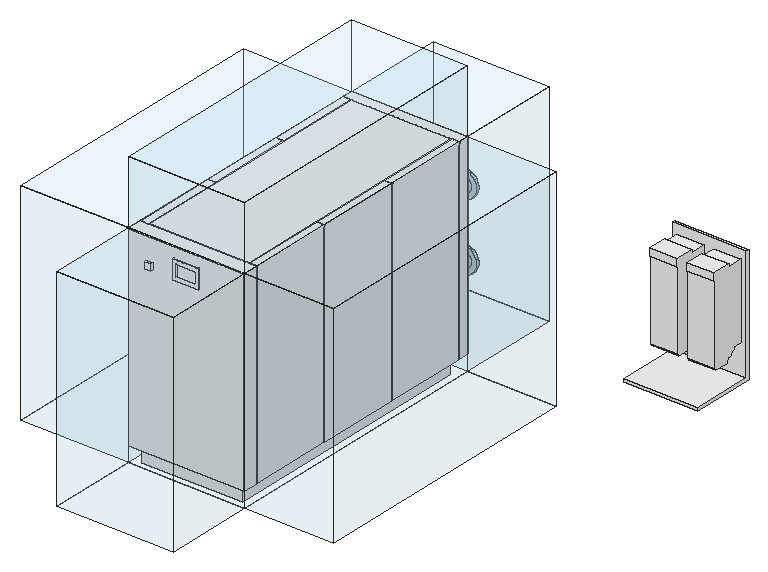
Revit family "VIESSMANN - Vitocal 350-G Pro 352 - C075", category Mechanical Equipment, Revit 2021
Family settings
  Round Connector Dimension = Use Diameter
  Part Type = Normal
  OmniClass Number = 23.75.10.21.17
  OmniClass Title = Water-Source Heat Pumps
  Work Plane-Based = No
  Always vertical = Yes
  Cut with Voids When Loaded = No
  Shared = No
  Room Calculation Point = No
Parameters (values of type "B0/W35")
  Wysokość całkowita = 1652.4 mm
  Waga przetwornicy częstotliwości wraz ze stelażem = 56.40 kg
  Odstęp minimalny pompy ciepła od ściany = "Odstęp minimalny pompy ciepła od ściany"  # constant formula
  Obieg wtórny. Strata ciśnienia przy znamionowym przepływie objętościowym = 6.0 kPa
  Obieg wtórny. Znamionowy przepływ objętościowy = 13.2 m³/h
  Obieg wtórny. Strata ciśnienia przy minimalnym przepływie objętościowym = 1.0 kPa
  Obieg wtórny. Pojemność wymiennika ciepła (woda) = 13.1 L
  Obieg wtórny. Różnica temperatur = "5 K"
  Obieg wtórny. Minimalny przepływ objętościowy = 4.3 m³/h
  Obieg wtórny. Maks. temperatura na zasilaniu obiegu wtórnego przy zasilaniu solanką z obiegu pierwotnego B –16°C = 56 °C
  Obieg wtórny. Maks. temperatura na zasilaniu obiegu wtórnego przy zasilaniu solanką z obiegu pierwotnego  B –7°C = 62 °C
  Obieg wtórny. Maks. temperatura na zasilaniu obiegu wtórnego przy zasilaniu solanką z obiegu pierwotnego B od –1 do 25°CB –1 = 75 °C
  Obieg pierwotny. Strata ciśnienia przy znamionowym przepływie objętościowym = 24.0 kPa
  Obieg pierwotny. Znamionowy przepływ objętościowy = 18.2 m³/h
  Znamionowe natężenie sprężarek (łącznie) = 31.1 A
  Znamionowa moc grzewcza = 76.7 kW
  Zakres mocy = "17 - 100%"
  Wydajność chłodnicza = 58.9 kW
  Stopień efektywności ∊ (COP) = 3.74
  Obieg pierwotny. Strata ciśnienia przy minimalnym przepływie = 8.0 kPa
  Obieg pierwotny. Pojemność wymiennika ciepła (solanka) = 10.1 L
  Podaj długość odsunięcia przetwornicy [instance] = "Maksymalny odstęp (c/d) - 1000/1400mm, 1500/900mm, 2000/400mm"  # constant formula
  Viessmann Kolor 1 = Viessmann Kolor 1
  URL = "https://www.viessmann.pl/"
  Szerokość całkowita = 911 mm
  Strefa serwisowa [instance] = yes
  Pobór mocy elektrycznej (bez pomp zewnętrznych) = 20.5 kW
  Odsunięcie przetwornicy wzdłuż "c" Rzeczywista [instance] = if([Odsunięcie przetwornicy wzdłuż "c"] > 2000 mm, 2000 mm, if([Odsunięcie przetwornicy wzdłuż "c"] < 500 mm, 500 mm, [Odsunięcie przetwornicy wzdłuż "c"]))  # 1000 mm
  Odsunięcie przetwornicy wzdłuż "c" [instance] = 1000 mm
  Odsunięcie przetwornicy w bok "d" Rzeczywista [instance] = if([Odsunięcie przetwornicy w bok "d"] > 1400 mm, 1400 mm, [Odsunięcie przetwornicy w bok "d"])  # 1400 mm
  Odsunięcie przetwornicy w bok "d" [instance] = 1400 mm
  Minimalna kubatura pomieszczenia = 29.00 m³
  Obieg wtórny. Min. temperatura na zasilaniu zasobnika lodu = 29 °C
  KOMUNIKAT [instance] = "Max. Długość przewodu od obudowy  - 2400 mm"  # constant formula
  Długość przewodu od obudowy ciepła (c+d) Rzeczywista [instance] = [Odsunięcie przetwornicy wzdłuż "c"] + [Odsunięcie przetwornicy w bok "d"]  # 2400 mm
  Max. Długość przewodu od obudowy ciepła (c+d) [instance] = if([Odsunięcie przetwornicy wzdłuż "c"] + [Odsunięcie przetwornicy w bok "d"] > 2399 mm, 2400 mm, [Długość przewodu od obudowy ciepła (c+d) Rzeczywista])  # 2400 mm
  Długość strefy serwisowej od ściany prawej = 700 mm  # constant formula
  Długość strefy serwisowej od ściany lewej = 850 mm  # constant formula
  Długość strefy serwisowej od tyłu "b" = 800 mm  # constant formula
  Obieg pierwotny. Różnica temperatur = "3 K"
  Obieg pierwotny. Min. temperatura solanki na wlocie na granicy zabezpieczenia przed zamrożeniem –25,2°C (40% obj.) = -16 °C
  Obieg pierwotny. Min. temperatura solanki na wlocie na granicy zabezpieczenia przed zamrożeniem –16,1°C (30% obj.) = -7 °C
  Obieg pierwotny. Granica zabezpieczenia przed zamrożeniem. Źródła ciepła - grunt i woda = -16.1 °C
  Obieg pierwotny. Granica zabezpieczenia przed zamrożeniem. Źródła ciepła -  powietrze i zasobnik lodu = -25.2 °C
  Obieg pierwotny. Minimalny przepływ objętościowy (50% znamionowego przepływu objętościowego w przypadku B0/W35) = 9.1 m³/h
  Masa urządzenia podstawowego = 1150.00 kg
  Manufacturer = "Viessmann Sp. z o.o."
  Description = "Vitocal 350-G PRO to kompaktowa, monowalentna pompa ciepła typu solanka/woda do ogrzewania, chłodzenia oraz podgrzewu wody użytkowej. Jako źródło ciepła można wykorzystać grunt, wodę gruntową lub powietrze zewnętrzne. Dzięki czterem typom, Vitocal 350-G PRO jest elastycznym rozwiązaniem grzewczym i chłodniczym, spełniającym indywidualne wymagania budynków mieszkalnych, komercyjnych i przemysłowych."
  Model = "Pompy ciepła solanka /woda Vitocal 350-G PRO o temperaturze zasilania do 75°C\r"  # constant formula
  Długość strefy serwisowej od przodu "e" = 700 mm  # constant formula
  Długość całkowita = 2190 mm
  Default Elevation = 0 mm
  Autor = "www.archispace.pl"
Types (3, lengths in mm): name | Obieg wtórny. Strata ciśnienia przy znamionowym przepływie objętościowym | Obieg wtórny. Znamionowy przepływ objętościowy | Obieg wtórny. Strata ciśnienia przy minimalnym przepływie objętościowym | Obieg wtórny. Różnica temperatur | Obieg wtórny. Minimalny przepływ objętościowy | Obieg pierwotny. Strata ciśnienia przy znamionowym przepływie objętościowym | Obieg pierwotny. Znamionowy przepływ objętościowy | Znamionowe natężenie sprężarek (łącznie) | Znamionowa moc grzewcza | Wydajność chłodnicza | Stopień efektywności ∊ (COP) | Obieg pierwotny. Strata ciśnienia przy minimalnym przepływie | Pobór mocy elektrycznej (bez pomp zewnętrznych)
  (no name) | 6.0 kPa | 13.2 m³/h | 1.0 kPa | "5 K" | 4.3 m³/h | 24.0 kPa | 18.2 m³/h | 31.1 A | 76.7 kW | 58.9 kW | 3.74 | 8.0 kPa | 20.5 kW
  B0/W35 | 6.0 kPa | 13.2 m³/h | 1.0 kPa | "5 K" | 4.3 m³/h | 24.0 kPa | 18.2 m³/h | 31.1 A | 76.7 kW | 58.9 kW | 3.74 | 8.0 kPa | 20.5 kW
  B0/W55 | 2.0 kPa | 6.8 m³/h | 0.3 kPa | "8 K" | 2.2 m³/h | 14.0 kPa | 13.1 m³/h | 34.5 A | 62.3 kW | 42.1 kW | 2.72 | 5.0 kPa | 22.9 kW
Reference planes
  plane 1 "Środek (Przód/Tył)": y = 50
  plane 2: z = 0
  plane 3 "Środek (Lewa/Prawa)": x = 0
  plane 4: y = 50
  plane 5: y = -2140
  plane 6: y = -2140
  plane 7: z = 1652.4
  plane 8: x = 455.5
  plane 9: x = -455.5
  plane 10: x = -1305.5
  plane 11: x = 1155.5
  plane 12: y = -2840
  plane 13: z = 2152.4
Forms (mm)
  Extrusion 1, solid, material "Viessmann Strefy Serwisowe", visible <- "Strefa serwisowa"
    sketch origin (0, 0, 0) x (1, 0, 0) y (0, 1, 0)
      loop
        line (-455.5, 50) -> (-1305.5, 50) -> (-1305.5, -2140) -> (-455.5, -2140) -> (-455.5, 50)
    from 0 to 1652.4
  Extrusion 2, solid, material "Viessmann Strefy Serwisowe", visible <- "Strefa serwisowa"
    sketch origin (0, 0, 0) x (-1, 0, 0) y (0, -1, 0)
      loop
        line (-455.5, -50) -> (-455.5, 2140) -> (-1155.5, 2140) -> (-1155.5, -50) -> (-455.5, -50)
    from 0 to 1652.4
  Extrusion 3, solid, material "Viessmann Strefy Serwisowe", visible <- "Strefa serwisowa"
    sketch origin (1476.269, 2188.659, 0) x (1, 0, 0) y (0, 1, 0)
      loop
        line (-1020.769, -1338.659) -> (-1931.769, -1338.659) -> (-1931.769, -2138.659) -> (-1020.769, -2138.659) -> (-1020.769, -1338.659)
    from 0 to 1652.4
  Extrusion 4, solid, material "Viessmann Strefy Serwisowe", visible <- "Strefa serwisowa"
    sketch origin (1476.269, 248.659, 0) x (1, 0, 0) y (0, 1, 0)
      loop
        line (-1020.769, -2388.659) -> (-1931.769, -2388.659) -> (-1931.769, -3088.659) -> (-1020.769, -3088.659) -> (-1020.769, -2388.659)
    from 0 to 1652.4
  Extrusion 5, solid, material "Viessmann Strefy Serwisowe", visible <- "Strefa serwisowa"
    sketch origin (0, 0, 0) x (-1, 0, 0) y (0, -1, 0)
      loop
        line (455.5, -50) -> (455.5, 2140) -> (-455.5, 2140) -> (-455.5, -50) -> (455.5, -50)
    from 1652.4 to 2152.4
Lines and regions (mm)
  reference lines
    curve 1: line (1836.5, 1050, 0) -> (1855.5, 1050, 0)
    curve 2: line (1855.5, 1050, 0) -> (1855.5, 1550, 0)
Dimensions and locks
  "Długość całkowita": plane 5 to plane 1 "Środek (Przód/Tył)"
  "Wysokość całkowita": plane 7 to plane 2
  Extrusion 4 sketch curve to plane 3 "Środek (Lewa/Prawa)" = 455.5 mm
  plane 3 "Środek (Lewa/Prawa)" to Extrusion 4 sketch curve = 455.5 mm
  Extrusion 3 sketch curve to plane 3 "Środek (Lewa/Prawa)" = 455.5 mm
  plane 3 "Środek (Lewa/Prawa)" to Extrusion 3 sketch curve = 455.5 mm
  equal spacing: plane 9, plane 3 "Środek (Lewa/Prawa)", plane 8
  "Szerokość całkowita": plane 9 to plane 8
  "Długość strefy serwisowej od tyłu "b"": Extrusion 3 sketch curve to plane 4
  "Odsunięcie przetwornicy wzdłuż "c" Rzeczywista": plane 4 to curve 1
  "Odsunięcie przetwornicy w bok "d" Rzeczywista": plane 8 to curve 2
  "Długość strefy serwisowej od ściany lewej": plane 10 to plane 9
  "Długość strefy serwisowej od ściany prawej": plane 8 to plane 11
  "Długość strefy serwisowej od przodu "e"": plane 5 to plane 12
  plane 4 to nested 2 = 500 mm
  plane 8 to nested 2 = 820 mm
  plane 1 "Środek (Przód/Tył)" to Extrusion 5 = 2190 mm
  aligned and locked: level to plane 2
  aligned and locked: Extrusion 1 to plane 5
  aligned and locked: Extrusion 1 to Extrusion 2
  aligned and locked: Extrusion 4 to Extrusion 1
  aligned and locked: Extrusion 2 to plane 1 "Środek (Przód/Tył)"
  aligned and locked: plane 7 to Extrusion 1
  aligned and locked: Extrusion 2 to plane 7
  aligned and locked: plane 7 to Extrusion 3
  aligned and locked: plane 7 to Extrusion 4
  aligned and locked: nested 1 to plane 3 "Środek (Lewa/Prawa)"
  aligned and locked: nested 1 to plane 4
  aligned and locked: Extrusion 3 to plane 4
  aligned and locked: Extrusion 3 sketch curve to plane 4
  aligned and locked: plane 4 to Extrusion 1 sketch curve
  aligned and locked: nested 2 to curve 1
  aligned and locked: nested 2 to curve 2
  aligned and locked: Extrusion 1 sketch curve to plane 10
  aligned and locked: Extrusion 2 sketch curve to plane 11
  aligned and locked: Extrusion 2 sketch curve to plane 8
  aligned and locked: Extrusion 1 sketch curve to plane 9
  aligned and locked: Extrusion 4 sketch curve to plane 12
  aligned and locked: Extrusion 5 to plane 7
  aligned and locked: plane 13 to Extrusion 5
  aligned and locked: Extrusion 5 to plane 1 "Środek (Przód/Tył)"
  aligned and locked: Extrusion 5 to plane 5
  aligned and locked: Extrusion 5 to plane 8
  aligned and locked: plane 9 to Extrusion 5
Automatic sketch dimensions
  Extrusion 1 sketch curve to plane 5 = 0 mm
  plane 1 "Środek (Przód/Tył)" to Extrusion 2 sketch curve = 0 mm
  plane 5 to Extrusion 2 sketch curve = 0 mm
  Extrusion 4 sketch curve to plane 5 = 0 mm
  Extrusion 5 sketch curve to plane 1 "Środek (Przód/Tył)" = 0 mm
  plane 11 to Extrusion 5 sketch curve = 700 mm
  Extrusion 5 sketch curve to plane 5 = 0 mm
  Extrusion 5 sketch curve to plane 8 = 911 mm
  curve 1 to curve 1 = 19 mm
  curve 1 to curve 2 = 500 mm
Nested families
  nested 1: "Vitocal 350-G PRO 352.typ C075" at (0, 50, 0), type "C075"
  nested 2: "Vitocal - Przetwornica częstotliwości ze stależem" at (1565.5, 800, 0), type "C075. C100. C150"
Connectors
  electrical at (-272.721, -30, 1564.6), driven by "Pobór mocy elektrycznej (bez pomp zewnętrznych)"
    settings: on nested 1, index 2, voltage 230 V, apparent load 20500 VA, apparent load phase1 0 VA, apparent load phase2 0 VA, apparent load phase3 0 VA, power factor 1, load classification "Other", number of poles 1, system type 30, power factor state 1, is connector primary yes, connector utility no, sub classification motor no, connector description ""
  piping at (-102.375, 265, 1112.398), diameter 88, driven by "Obieg pierwotny. Znamionowy przepływ objętościowy"
    settings: on nested 1, index 3, connector inside diameter 609.6 mm, connector length 0 mm, flow factor 0, pipe flow 18.2 m³/h, pressure drop 0.0 kPa, fitting loss kfactor 0, connector angle 0.00°, fixture units 0, engagement length 0 mm, angle of deflection 0.00°, flow configuration 0, flow direction 0, fitting loss method 0, system type 7, joint type 0, gender type 0, connector reference index -1, connector utility 0, adjustable connector no, is connector primary yes, connector description ""
  piping at (-102.375, 265, 582.398), diameter 88, driven by "Obieg wtórny. Znamionowy przepływ objętościowy"
    settings: on nested 1, index 4, connector inside diameter 609.6 mm, connector length 0 mm, flow factor 0, pipe flow 13.2 m³/h, pressure drop 0.0 kPa, fitting loss kfactor 0, connector angle 0.00°, fixture units 0, engagement length 0 mm, angle of deflection 0.00°, flow configuration 0, flow direction 0, fitting loss method 0, system type 8, joint type 0, gender type 0, connector reference index -1, connector utility 0, adjustable connector no, is connector primary no, connector description ""
  piping at (206.398, 345, 582.398), diameter 88
    settings: on nested 1, index 5, connector inside diameter 609.6 mm, connector length 0 mm, flow factor 0, pipe flow 0.0 m³/h, pressure drop 0.0 kPa, fitting loss kfactor 0, connector angle 0.00°, fixture units 0, engagement length 0 mm, angle of deflection 0.00°, flow configuration 0, flow direction 0, fitting loss method 0, system type 19, joint type 0, gender type 0, connector reference index -1, connector utility 0, adjustable connector no, is connector primary no, connector description ""
  piping at (206.398, 345, 582.398), diameter 88, driven by "Obieg wtórny. Znamionowy przepływ objętościowy"
    settings: on nested 1, index 6, connector inside diameter 609.6 mm, connector length 0 mm, flow factor 0, pipe flow 13.2 m³/h, pressure drop 0.0 kPa, fitting loss kfactor 0, connector angle 0.00°, fixture units 0, engagement length 0 mm, angle of deflection 0.00°, flow configuration 0, flow direction 0, fitting loss method 0, system type 8, joint type 0, gender type 0, connector reference index -1, connector utility 0, adjustable connector no, is connector primary no, connector description ""
  piping at (206.398, 345, 1112.398), diameter 88, driven by "Obieg pierwotny. Znamionowy przepływ objętościowy"
    settings: on nested 1, index 7, connector inside diameter 609.6 mm, connector length 0 mm, flow factor 0, pipe flow 18.2 m³/h, pressure drop 0.0 kPa, fitting loss kfactor 0, connector angle 0.00°, fixture units 0, engagement length 0 mm, angle of deflection 0.00°, flow configuration 0, flow direction 0, fitting loss method 0, system type 7, joint type 0, gender type 0, connector reference index -1, connector utility 0, adjustable connector no, is connector primary no, connector description ""
Definition of nested family "Vitocal 350-G PRO 352.typ C075"
  Parameters (values of type "C075")
    Wysokość = 1652.4 mm
    Szerokość = 911 mm
    Materiał = none
    Inny odstęp = no
    Długość = 2191 mm
    Default Elevation = 0 mm
  Reference planes
    plane 1 "Center (Front/Back)": y = 0
    plane 2: z = 0
    plane 3 "Center (Left/Right)": x = 0
    plane 4: z = 1652.4
    plane 5: z = 126.2
    plane 6: x = 455.5
    plane 7: x = -455.5
    plane 8: x = -451.5
    plane 9: x = 451.5
    plane 10: y = -4
    plane 11: z = 1112.398
    plane 12: z = 582.398
    plane 13: x = 206.398
    plane 14: x = -102.375
    plane 15: y = -2191
    plane 16: y = -2211
    plane 17: y = -2198
    plane 18: y = 292
    plane 19: x = -395
    plane 20: x = 395
  Forms (mm)
    Extrusion 1, solid, material <- "Materiał", detail levels medium+fine
      sketch origin (0, -876.5, 0) x (1, 0, 0) y (0, 1, 0)
        loop
          line (-398.973, 793.559) -> (-450.996, 793.559)
          arc (-450.996, 793.559) -> (-453.825, 792.387) -> (-454.996, 789.559) r 4
          line (-454.996, 789.559) -> (-454.996, 137.559)
          arc (-454.996, 137.559) -> (-453.825, 134.731) -> (-450.996, 133.559) r 4
          line (-450.996, 133.559) -> (-398.973, 133.559)
          arc (-398.973, 133.559) -> (-396.144, 134.731) -> (-394.973, 137.559) r 4
          line (-394.973, 137.559) -> (-394.973, 789.559)
          arc (-394.973, 789.559) -> (-396.144, 792.387) -> (-398.973, 793.559) r 4
        loop
          line (-398.973, 130.559) -> (-450.996, 130.559)
          arc (-450.996, 130.559) -> (-453.825, 129.387) -> (-454.996, 126.559) r 4
          line (-454.996, 126.559) -> (-454.996, -525.441)
          arc (-454.996, -525.441) -> (-453.825, -528.269) -> (-450.996, -529.441) r 4
          line (-450.996, -529.441) -> (-398.973, -529.441)
          arc (-398.973, -529.441) -> (-396.144, -528.269) -> (-394.973, -525.441) r 4
          line (-394.973, -525.441) -> (-394.973, 126.559)
          arc (-394.973, 126.559) -> (-396.144, 129.387) -> (-398.973, 130.559) r 4
        loop
          line (-398.973, -532.336) -> (-450.996, -532.336)
          arc (-450.996, -532.336) -> (-453.825, -533.508) -> (-454.996, -536.336) r 4
          line (-454.996, -536.336) -> (-454.996, -1188.336)
          arc (-454.996, -1188.336) -> (-453.825, -1191.165) -> (-450.996, -1192.336) r 4
          line (-450.996, -1192.336) -> (-398.973, -1192.336)
          arc (-398.973, -1192.336) -> (-396.144, -1191.165) -> (-394.973, -1188.336) r 4
          line (-394.973, -1188.336) -> (-394.973, -536.336)
          arc (-394.973, -536.336) -> (-396.144, -533.508) -> (-398.973, -532.336) r 4
        loop
          line (451.5, 793.559) -> (399.476, 793.559)
          arc (399.476, 793.559) -> (396.648, 792.387) -> (395.476, 789.559) r 4
          line (395.476, 789.559) -> (395.476, 137.559)
          arc (395.476, 137.559) -> (396.648, 134.731) -> (399.476, 133.559) r 4
          line (399.476, 133.559) -> (451.5, 133.559)
          arc (451.5, 133.559) -> (454.328, 134.731) -> (455.5, 137.559) r 4
          line (455.5, 137.559) -> (455.5, 789.559)
          arc (455.5, 789.559) -> (454.328, 792.387) -> (451.5, 793.559) r 4
        loop
          line (451.5, 130.559) -> (399.476, 130.559)
          arc (399.476, 130.559) -> (396.648, 129.387) -> (395.476, 126.559) r 4
          line (395.476, 126.559) -> (395.476, -525.441)
          arc (395.476, -525.441) -> (396.648, -528.269) -> (399.476, -529.441) r 4
          line (399.476, -529.441) -> (451.5, -529.441)
          arc (451.5, -529.441) -> (454.328, -528.269) -> (455.5, -525.441) r 4
          line (455.5, -525.441) -> (455.5, 126.559)
          arc (455.5, 126.559) -> (454.328, 129.387) -> (451.5, 130.559) r 4
        loop
          line (451.5, -532.336) -> (399.476, -532.336)
          arc (399.476, -532.336) -> (396.648, -533.508) -> (395.476, -536.336) r 4
          line (395.476, -536.336) -> (395.476, -1188.336)
          arc (395.476, -1188.336) -> (396.648, -1191.165) -> (399.476, -1192.336) r 4
          line (399.476, -1192.336) -> (451.5, -1192.336)
          arc (451.5, -1192.336) -> (454.328, -1191.165) -> (455.5, -1188.336) r 4
          line (455.5, -1188.336) -> (455.5, -536.336)
          arc (455.5, -536.336) -> (454.328, -533.508) -> (451.5, -532.336) r 4
        loop
          arc (392.53, 789.559) -> (391.358, 792.387) -> (388.53, 793.559) r 4
          line (388.53, 793.559) -> (-388.07, 793.559)
          arc (-388.07, 793.559) -> (-390.898, 792.387) -> (-392.07, 789.559) r 4
          line (-392.07, 789.559) -> (-392.07, -1188.336)
          arc (-392.07, -1188.336) -> (-390.898, -1191.165) -> (-388.07, -1192.336) r 4
          line (-388.07, -1192.336) -> (388.53, -1192.336)
          arc (388.53, -1192.336) -> (391.358, -1191.165) -> (392.53, -1188.336) r 4
          line (392.53, -1188.336) -> (392.53, 789.559)
        loop
          arc (-451.5, -1194.5) -> (-454.328, -1195.672) -> (-455.5, -1198.5) r 4
          line (-455.5, -1198.5) -> (-455.5, -1310.5)
          arc (-455.5, -1310.5) -> (-454.328, -1313.328) -> (-451.5, -1314.5) r 4
          line (-451.5, -1314.5) -> (451.5, -1314.5)
          arc (451.5, -1314.5) -> (454.328, -1313.328) -> (455.5, -1310.5) r 4
          line (455.5, -1310.5) -> (455.5, -1198.5)
          arc (455.5, -1198.5) -> (454.328, -1195.672) -> (451.5, -1194.5) r 4
          line (451.5, -1194.5) -> (-451.5, -1194.5)
        loop
          arc (-451.5, 876.5) -> (-454.328, 875.328) -> (-455.5, 872.5) r 4
          line (-455.5, 872.5) -> (-455.5, 800.5)
          arc (-455.5, 800.5) -> (-454.328, 797.672) -> (-451.5, 796.5) r 4
          line (-451.5, 796.5) -> (451.5, 796.5)
          arc (451.5, 796.5) -> (454.328, 797.672) -> (455.5, 800.5) r 4
          line (455.5, 800.5) -> (455.5, 872.5)
          arc (455.5, 872.5) -> (454.328, 875.328) -> (451.5, 876.5) r 4
          line (451.5, 876.5) -> (-451.5, 876.5)
      from 126.2 to 1652.4
    Extrusion 2, solid, material <- "Materiał", detail levels fine
      sketch origin (0, 177.022, 0) x (0, 1, 0) y (0, 0, 1)
        loop
          line (-278.072, 126.2) -> (-2313.122, 126.2) -> (-2313.122, 0) -> (-278.072, 0) -> (-278.072, 126.2)
      from -395 to 395
    Extrusion 3, solid, material <- "Materiał", detail levels fine
      sketch origin (0, 0, -4) x (1, 0, 0) y (0, 0, 1)
        loop
          line (-313.5, 1431.4) -> (-263.5, 1431.4) -> (-263.5, 1481.4) -> (-313.5, 1481.4) -> (-313.5, 1431.4)
      from 2191 to 2211
    Extrusion 4, void
      sketch origin (-95, -5, 1652.4) x (0, 0, -1) y (-1, 0, 0)
        loop
          line (119.05, -380.729) -> (119.05, -187.229) -> (56.55, -187.229) -> (56.55, -380.729) -> (119.05, -380.729)
        loop
          line (119.05, -130.729) -> (119.05, 62.771) -> (56.55, 62.771) -> (56.55, -130.729) -> (119.05, -130.729)
        loop
          circle (87.8, 177.721) r 69
        loop
          circle (537.602, -301.398) r 69.773
        loop
          circle (537.602, 7.375) r 69.773
        loop
          circle (1067.602, -301.398) r 69.773
        loop
          circle (1067.602, 7.375) r 69.773
        loop
          circle (1346.3, -282.729) r 8.5
        loop
          circle (1346.3, -257.729) r 8.5
        loop
          circle (1346.3, -207.729) r 25.5
        loop
          circle (1346.3, -132.729) r 25.5
        loop
          circle (1346.3, -57.729) r 20.5
        loop
          circle (1346.3, 17.271) r 20.5
        loop
          circle (1346.3, 67.271) r 8.5
        loop
          circle (1346.3, 92.271) r 8.5
      from -77.941 to 5
    Extrusion 5, solid, material <- "Materiał", detail levels fine
      sketch origin (0, 0, 0) x (1, 0, 0) y (0, 0, 1)
        loop
          line (-100, 1416.675) -> (100, 1416.675) -> (100, 1566.676) -> (-100, 1566.676) -> (-100, 1416.675)
        loop
          line (-76.25, 1445.955) -> (76.25, 1445.955) -> (76.25, 1537.425) -> (-76.25, 1537.425) -> (-76.25, 1445.955)
      from 2198.075 to 2191
    Extrusion 6, solid, material <- "Materiał", detail levels medium
      sketch origin (0, 177.022, 0) x (0, 1, 0) y (0, 0, 1)
        loop
          line (-241.022, 126.2) -> (-2240.023, 126.2) -> (-2240.023, 0) -> (-241.022, 0) -> (-241.022, 126.2)
      from -391.5 to 391.5
    Extrusion 7, solid, material <- "Materiał", detail levels coarse
      sketch origin (0, 0, 0) x (1, 0, 0) y (0, 1, 0)
        loop
          line (-455.5, 0) -> (-455.5, -2190) -> (455.5, -2190) -> (455.5, 0) -> (-455.5, 0)
      from 0 to 1652.4
    Revolve 8, solid, detail levels medium+fine
      sketch origin (206.398, -2196, 1153.398) x (0, 0, 1) y (0, 1, 0)
        loop
          line (3, 2116) -> (3, 2452) -> (14, 2471) -> (59, 2471) -> (59, 2488) -> (28.773, 2488) -> (28.773, 2491) -> (-41, 2491) -> (-41, 2116) -> (3, 2116)
        axis (-41, 2491) -> (-41, 2116)
      angle from 0 to 360
    Revolve 9, solid, detail levels medium+fine
      sketch origin (206.398, -2196, 623.398) x (0, 0, 1) y (0, 1, 0)
        loop
          line (3, 2116) -> (3, 2452) -> (14, 2471) -> (59, 2471) -> (59, 2488) -> (28.773, 2488) -> (28.773, 2491) -> (-41, 2491) -> (-41, 2116) -> (3, 2116)
        axis (-41, 2491) -> (-41, 2116)
      angle from 0 to 360
    Revolve 10, solid, detail levels medium+fine
      sketch origin (-102.375, -2196, 1153.398) x (0, 0, 1) y (0, 1, 0)
        loop
          line (3, 2116) -> (3, 2372) -> (14, 2391) -> (59, 2391) -> (59, 2408) -> (28.773, 2408) -> (28.773, 2411) -> (-41, 2411) -> (-41, 2116) -> (3, 2116)
        axis (-41, 2411) -> (-41, 2116)
      angle from 0 to 360
    Revolve 11, solid, detail levels medium+fine
      sketch origin (-102.375, -2196, 623.398) x (0, 0, 1) y (0, 1, 0)
        loop
          line (3, 2116) -> (3, 2372) -> (14, 2391) -> (59, 2391) -> (59, 2408) -> (28.773, 2408) -> (28.773, 2411) -> (-41, 2411) -> (-41, 2116) -> (3, 2116)
        axis (-41, 2411) -> (-41, 2116)
      angle from 0 to 360
  Cuts and joins
    Extrusion 4 cuts Extrusion 1
  Dimensions and locks
    "Wysokość": plane 4 to level
    locked: plane 5 to level at 126.2
    equal spacing: plane 6, plane 3 "Center (Left/Right)", plane 7
    "Szerokość": plane 6 to plane 7
    locked: plane 7 to plane 8 at 4
    locked: plane 9 to plane 6 at 4
    plane 9 to plane 20 = 56.5 mm
    locked: plane 1 "Center (Front/Back)" to Extrusion 6 sketch curve at 64
    locked: plane 8 to Extrusion 6 at 60
    locked: plane 9 to Extrusion 6 at 60
    plane 8 to plane 9 = 903 mm
    level to Extrusion 6 = 126.2 mm
    locked: plane 10 to plane 1 "Center (Front/Back)" at 4
    locked: plane 1 "Center (Front/Back)" to plane 18 at 292
    locked: plane 8 to plane 19 at 56.5
    locked: plane 18 to plane 1 "Center (Front/Back)" at 292
    locked: plane 15 to plane 16 at 20
    "Długość": plane 1 "Center (Front/Back)" to plane 15
    aligned and locked: level to plane 2
    aligned and locked: plane 7 to Extrusion 7 sketch curve
    aligned and locked: Extrusion 7 sketch curve to plane 6
    aligned and locked: Extrusion 7 to level
    aligned and locked: plane 4 to Extrusion 7
    aligned and locked: Extrusion 1 to Extrusion 2
    aligned and locked: Extrusion 7 to plane 1 "Center (Front/Back)"
    aligned and locked: Revolve 10 sketch curve to cut or joined group of Extrusion 1, Extrusion 4
    aligned and locked: Revolve 8 sketch curve to cut or joined group of Extrusion 1, Extrusion 4
    aligned and locked: Revolve 9 sketch curve to cut or joined group of Extrusion 1, Extrusion 4
    aligned and locked: Revolve 11 sketch curve to cut or joined group of Extrusion 1, Extrusion 4
  Automatic sketch dimensions
    Extrusion 2 sketch curve to plane 5 = 0 mm
    Extrusion 2 sketch curve to level = 0 mm
    plane 10 to Extrusion 2 sketch curve = 97.05 mm
    Extrusion 3 sketch curve to plane 8 = 138 mm
    Extrusion 3 sketch curve to Extrusion 3 sketch curve = 50 mm  (x2)
    Extrusion 3 sketch curve to plane 4 = 225 mm
    Extrusion 4 sketch curve to Extrusion 4 sketch curve = 62.5 mm  (x2)
    Extrusion 4 sketch curve to Extrusion 4 sketch curve = 418.552 mm
    Extrusion 4 sketch curve to Extrusion 4 sketch curve = 0 mm  (x9)
    Extrusion 4 sketch curve to Extrusion 4 sketch curve = 25 mm  (x2)
    Extrusion 4 sketch curve to Extrusion 4 sketch curve = 50 mm  (x2)
    Extrusion 4 sketch curve to Extrusion 4 sketch curve = 193.5 mm  (x2)
    Extrusion 4 sketch curve to Extrusion 4 sketch curve = 75 mm  (x3)
    Extrusion 4 sketch curve to Extrusion 4 sketch curve = 56.5 mm
    Extrusion 4 sketch curve to Extrusion 4 sketch curve = 65.104 mm
    Extrusion 4 sketch curve to Extrusion 4 sketch curve = 308.773 mm
    Extrusion 4 sketch curve to Extrusion 4 sketch curve = 114.95 mm
    Extrusion 5 sketch curve to plane 14 = 2.375 mm
    Extrusion 5 sketch curve to plane 14 = 26.125 mm
    plane 3 "Center (Left/Right)" to Extrusion 5 sketch curve = 76.25 mm
    Extrusion 5 sketch curve to Extrusion 5 sketch curve = 23.75 mm
    Extrusion 5 sketch curve to plane 4 = 235.725 mm
    Extrusion 5 sketch curve to Extrusion 5 sketch curve = 29.28 mm
    Extrusion 5 sketch curve to Extrusion 5 sketch curve = 91.47 mm
    Extrusion 5 sketch curve to Extrusion 5 sketch curve = 29.251 mm
    Extrusion 6 sketch curve to plane 5 = 0 mm
    Extrusion 6 sketch curve to level = 0 mm
    plane 1 "Center (Front/Back)" to Extrusion 7 sketch curve = 0 mm
    Revolve 8 sketch curve to plane 11 = 0 mm  (x2)
    Revolve 8 sketch curve to plane 11 = 44 mm
    Revolve 8 sketch curve to Revolve 8 sketch curve = 11 mm
    Revolve 8 sketch curve to Revolve 8 sketch curve = 14.773 mm
    Revolve 8 sketch curve to Revolve 8 sketch curve = 30.227 mm
    Revolve 8 sketch curve to Revolve 8 sketch curve = 19 mm
    Revolve 8 sketch curve to Revolve 8 sketch curve = 17 mm
    Revolve 8 sketch curve to Revolve 8 sketch curve = 20 mm
    Revolve 8 sketch curve to Revolve 8 sketch curve = 66.196 mm
    Revolve 8 sketch curve to Revolve 8 sketch curve = 141.343 mm
    Revolve 9 sketch curve to plane 12 = 0 mm  (x2)
    Revolve 9 sketch curve to plane 12 = 44 mm
    Revolve 9 sketch curve to Revolve 9 sketch curve = 11 mm
    Revolve 9 sketch curve to Revolve 9 sketch curve = 14.773 mm
    Revolve 9 sketch curve to Revolve 9 sketch curve = 30.227 mm
    Revolve 9 sketch curve to Revolve 9 sketch curve = 19 mm
    Revolve 9 sketch curve to Revolve 9 sketch curve = 17 mm
    Revolve 9 sketch curve to Revolve 9 sketch curve = 20 mm
    Revolve 9 sketch curve to Revolve 9 sketch curve = 66.196 mm
    Revolve 9 sketch curve to Revolve 9 sketch curve = 141.343 mm
    Revolve 10 sketch curve to plane 11 = 0 mm  (x2)
    Revolve 10 sketch curve to plane 11 = 44 mm
    Revolve 10 sketch curve to Revolve 10 sketch curve = 11 mm
    Revolve 10 sketch curve to Revolve 10 sketch curve = 14.773 mm
    Revolve 10 sketch curve to Revolve 10 sketch curve = 30.227 mm
    Revolve 10 sketch curve to Revolve 10 sketch curve = 19 mm
    Revolve 10 sketch curve to Revolve 10 sketch curve = 17 mm
    Revolve 10 sketch curve to Revolve 10 sketch curve = 20 mm
    Revolve 10 sketch curve to Revolve 10 sketch curve = 66.196 mm
    Revolve 10 sketch curve to Revolve 10 sketch curve = 221.343 mm
    Revolve 11 sketch curve to plane 12 = 0 mm  (x2)
    Revolve 11 sketch curve to plane 12 = 44 mm
    Revolve 11 sketch curve to Revolve 11 sketch curve = 11 mm
    Revolve 11 sketch curve to Revolve 11 sketch curve = 14.773 mm
    Revolve 11 sketch curve to Revolve 11 sketch curve = 30.227 mm
    Revolve 11 sketch curve to Revolve 11 sketch curve = 19 mm
    Revolve 11 sketch curve to Revolve 11 sketch curve = 17 mm
    Revolve 11 sketch curve to Revolve 11 sketch curve = 20 mm
    Revolve 11 sketch curve to Revolve 11 sketch curve = 66.196 mm
    Revolve 11 sketch curve to Revolve 11 sketch curve = 221.343 mm
    Extrusion 1 sketch curve to plane 9 = 0 mm  (x10)
    Extrusion 1 sketch curve to plane 6 = 0 mm  (x5)
    Extrusion 1 sketch curve to Extrusion 1 sketch curve = 52.024 mm  (x4)
    Extrusion 1 sketch curve to Extrusion 1 sketch curve = 0 mm  (x5)
    Extrusion 1 sketch curve to Extrusion 1 sketch curve = 4 mm  (x13)
    Extrusion 1 sketch curve to plane 8 = 56.527 mm  (x2)
    Extrusion 1 sketch curve to plane 8 = 0.504 mm  (x6)
    plane 7 to Extrusion 1 sketch curve = 0.504 mm  (x3)
    Extrusion 1 sketch curve to Extrusion 1 sketch curve = 2.895 mm  (x2)
    Extrusion 1 sketch curve to Extrusion 1 sketch curve = 3 mm  (x2)
    plane 10 to Extrusion 1 sketch curve = 82.941 mm  (x2)
    Extrusion 1 sketch curve to Extrusion 1 sketch curve = 6.946 mm
    Extrusion 1 sketch curve to Extrusion 1 sketch curve = 2.946 mm
    Extrusion 1 sketch curve to Extrusion 1 sketch curve = 6.903 mm
    Extrusion 1 sketch curve to plane 8 = 0 mm  (x4)
    Extrusion 1 sketch curve to Extrusion 1 sketch curve = 2.164 mm
    Extrusion 1 sketch curve to plane 7 = 0 mm  (x2)
    Extrusion 1 sketch curve to plane 10 = 4 mm
    Extrusion 1 sketch curve to Extrusion 1 sketch curve = 6.941 mm
    plane 14 to Extrusion 4 sketch curve = 0 mm  (x2)
    plane 13 to Extrusion 4 sketch curve = 0 mm
    Extrusion 4 sketch curve to plane 4 = 56.55 mm  (x2)
    Extrusion 4 sketch curve to plane 4 = 87.8 mm
    Extrusion 4 sketch curve to plane 12 = 2.4 mm
    plane 5 to Extrusion 4 sketch curve = 179.9 mm
    Extrusion 4 sketch curve to plane 13 = 79.331 mm
    Extrusion 1 sketch curve to Extrusion 1 sketch curve = 112 mm
    Extrusion 1 sketch curve to Extrusion 1 sketch curve = 652 mm  (x5)
    Extrusion 2 sketch curve to Extrusion 2 sketch curve = 2035.05 mm
    Extrusion 6 sketch curve to Extrusion 6 sketch curve = 1999 mm
    plane 10 to Extrusion 7 sketch curve = 2186 mm
    Revolve 8 sketch curve to plane 1 "Center (Front/Back)" = 256 mm
    Revolve 9 sketch curve to plane 1 "Center (Front/Back)" = 256 mm
    Revolve 10 sketch curve to plane 1 "Center (Front/Back)" = 176 mm
    Revolve 11 sketch curve to plane 1 "Center (Front/Back)" = 176 mm
    radius of Extrusion 4 sketch curve = 69 mm
    radius of Extrusion 4 sketch curve = 69.773 mm  (x4)
    radius of Extrusion 4 sketch curve = 8.5 mm  (x4)
    radius of Extrusion 4 sketch curve = 25.5 mm  (x2)
    radius of Extrusion 4 sketch curve = 20.5 mm  (x2)
Definition of nested family "Vitocal - Przetwornica częstotliwości ze stależem"
  Parameters (values of type "C075. C100. C150")
    Wysokość = 910 mm
    Szerokość = 500 mm
    Materiał = none
    Inny odstęp = no
    Długość = 580 mm
    Default Elevation = 0 mm
  Types (2, lengths in mm): name | Wysokość | Długość
    C075. C100. C150 | 910 | 580
    C210 | 1193 | 800
  Reference planes
    plane 1 "Center (Front/Back)": y = 0
    plane 2: z = 0
    plane 3 "Center (Left/Right)": x = 0
    plane 4: z = 910
    plane 5: x = -290
    plane 6: x = 290
    plane 7: y = 250
    plane 8: y = -250
    plane 9: z = 860
    plane 10: x = -145
    plane 11: x = -40
    plane 12: x = -250
    plane 13: z = 170.641
    plane 14: x = 145
    plane 15: x = 40
    plane 16: x = 250
  Forms (mm)
    Extrusion 1, solid, material <- "Materiał", detail levels coarse+medium
      sketch origin (0, 0, 0) x (1, 0, 0) y (0, 1, 0)
        loop
          line (-290, 250) -> (-290, -250) -> (290, -250) -> (290, 250) -> (-290, 250)
      from 0 to 910
    Sweep 2, solid, material <- "Materiał", detail levels fine
      path origin (0, 0, 0) x (1, 0, 0) y (0, 1, 0)
        loop
          line (290, 0) -> (-290, 0)
      profile origin (0, 0, 0) x (0, -1, 0) y (0, 0, 1)
        loop
          line (-250, 0) -> (250, 0) -> (250, 20) -> (-230, 20) -> (-230, 910) -> (-250, 910) -> (-250, 0)
    Sweep 3, solid, material <- "Materiał", detail levels fine
      path origin (0, 219.668, 170.641) x (0, 1, 0) y (-1, 0, 0)
        loop
          line (-219.668, 40) -> (-219.668, 250)
      profile origin (-145, 0, 170.641) x (0, -1, 0) y (0, 0, 1)
        loop
          line (-107.85, 669.3) -> (-230, 669.3) -> (-230, 83.3) -> (-162, 83.3) -> (-162, 65.3) -> (-147, 65.3) -> (-127.5, 45.3) -> (-127.5, 40.3)
          arc (-127.5, 40.3) -> (-124.571, 33.229) -> (-117.5, 30.3) r 10
          line (-117.5, 30.3) -> (-98.5, 30.3) -> (-98.5, 16.3) -> (-91.5, 16.3) -> (-91.5, 12.8) -> (-85.25, 12.8) -> (-85.25, 0) -> (18.25, 0) -> (18.25, 12.8) -> (24.5, 12.8) -> (24.5, 16.65) -> (31.85, 17.036) -> (31.85, 632.8) -> (40.85, 632.8) -> (40.85, 689.359) -> (-107.85, 689.359) -> (-107.85, 669.3)
    Sweep 4, solid, material <- "Materiał", detail levels fine
      path origin (0, 219.668, 170.641) x (0, 1, 0) y (-1, 0, 0)
        loop
          line (-219.668, -40) -> (-219.668, -250)
      profile origin (145, 0, 170.641) x (0, 1, 0) y (0, 0, 1)
        loop
          line (107.85, 669.359) -> (107.85, 689.359) -> (-40.85, 689.359) -> (-40.85, 632.8) -> (-31.85, 632.8) -> (-31.85, 17.036) -> (-24.5, 16.65) -> (-24.5, 12.8) -> (-18.25, 12.8) -> (-18.25, 0) -> (85.25, 0) -> (85.25, 12.8) -> (91.5, 12.8) -> (91.5, 16.3) -> (98.5, 16.3) -> (98.5, 30.3) -> (117.5, 30.3)
          arc (117.5, 30.3) -> (124.571, 33.229) -> (127.5, 40.3) r 10
          line (127.5, 40.3) -> (127.5, 45.3) -> (147, 65.3) -> (162, 65.3) -> (162, 83.3) -> (230, 83.3) -> (230, 669.359) -> (107.85, 669.359)
  Dimensions and locks
    "Wysokość": plane 4 to level
    equal spacing: plane 7, plane 1 "Center (Front/Back)", plane 8
    equal spacing: plane 5, plane 3 "Center (Left/Right)", plane 6
    "Szerokość": plane 7 to plane 8
    "Długość": plane 5 to plane 6
    locked: plane 7 to Sweep 2 sketch curve at 20
    locked: Extrusion 1 to Sweep 2 sketch curve at 20
    equal spacing: plane 3 "Center (Left/Right)", plane 10, plane 5
    locked: plane 4 to plane 9 at 50
    locked: plane 13 to level at 170.641
    locked: plane 9 to Sweep 4 sketch curve at 20
    locked: plane 5 to plane 12 at 40
    locked: plane 16 to plane 6 at 40
    locked: plane 11 to plane 15 at 80
    aligned and locked: level to plane 2
    aligned and locked: plane 5 to Extrusion 1 sketch curve
    aligned and locked: Extrusion 1 sketch curve to plane 7
    aligned and locked: Extrusion 1 sketch curve to plane 6
    aligned and locked: plane 8 to Extrusion 1 sketch curve
    aligned and locked: plane 4 to Extrusion 1
    aligned and locked: plane 5 to Sweep 2 sketch curve
    aligned and locked: plane 6 to Sweep 2 sketch curve
    aligned and locked: Sweep 2 sketch curve to plane 7
    aligned and locked: Sweep 2 sketch curve to plane 4
    aligned and locked: Sweep 2 sketch curve to plane 2
    aligned and locked: Sweep 2 sketch curve to plane 8
    aligned and locked: Sweep 3 sketch curve to plane 1 "Center (Front/Back)"
    aligned and locked: plane 12 to Sweep 3 sketch curve
    aligned and locked: plane 11 to Sweep 3 sketch curve
    aligned and locked: Sweep 3 sketch curve to plane 9
    aligned and locked: Sweep 2 to Sweep 3 sketch curve
    aligned and locked: Sweep 4 sketch curve to plane 9
    aligned and locked: Sweep 4 sketch curve to plane 13
  Automatic sketch dimensions
    plane 1 "Center (Front/Back)" to Sweep 2 sketch curve = 0 mm
    Sweep 3 sketch curve to plane 13 = 0 mm
    Sweep 3 sketch curve to Sweep 3 sketch curve = 68 mm
    plane 13 to Sweep 3 sketch curve = 65.3 mm
    Sweep 3 sketch curve to Sweep 3 sketch curve = 15 mm
    Sweep 3 sketch curve to Sweep 3 sketch curve = 19.5 mm
    Sweep 3 sketch curve to Sweep 3 sketch curve = 10 mm
    profile plane to Sweep 3 sketch curve = 107.85 mm
    Sweep 3 sketch curve to Sweep 3 sketch curve = 19 mm
    plane 13 to Sweep 3 sketch curve = 16.3 mm
    Sweep 3 sketch curve to Sweep 3 sketch curve = 7 mm
    plane 13 to Sweep 3 sketch curve = 12.8 mm  (x2)
    Sweep 3 sketch curve to Sweep 3 sketch curve = 0 mm  (x3)
    Sweep 3 sketch curve to Sweep 3 sketch curve = 6.25 mm  (x2)
    Sweep 3 sketch curve to profile plane = 18.25 mm
    Sweep 3 sketch curve to profile plane = 31.85 mm
    Sweep 3 sketch curve to Sweep 3 sketch curve = 9 mm
    Sweep 3 sketch curve to Sweep 3 sketch curve = 3.85 mm
    Sweep 3 sketch curve to Sweep 3 sketch curve = 0.387 mm
    Sweep 3 sketch curve to Sweep 3 sketch curve = 14 mm
    Sweep 3 sketch curve to Sweep 3 sketch curve = 5 mm
    Sweep 3 sketch curve to Sweep 3 sketch curve = 18 mm
    Sweep 3 sketch curve to Sweep 3 sketch curve = 56.559 mm
    Sweep 3 sketch curve to Sweep 3 sketch curve = 20.059 mm
    plane 1 "Center (Front/Back)" to Sweep 4 sketch curve = 0 mm
    Sweep 4 sketch curve to plane 6 = 40 mm
    plane 3 "Center (Left/Right)" to Sweep 4 sketch curve = 40 mm
    profile plane to Sweep 4 sketch curve = 40.85 mm
    profile plane to Sweep 4 sketch curve = 31.85 mm
    Sweep 4 sketch curve to Sweep 4 sketch curve = 7.35 mm
    Sweep 4 sketch curve to Sweep 4 sketch curve = 6.25 mm  (x2)
    Sweep 4 sketch curve to profile plane = 85.25 mm
    Sweep 4 sketch curve to Sweep 4 sketch curve = 0 mm  (x3)
    Sweep 4 sketch curve to Sweep 4 sketch curve = 7 mm
    Sweep 4 sketch curve to profile plane = 107.85 mm
    Sweep 4 sketch curve to Sweep 4 sketch curve = 19 mm
    Sweep 4 sketch curve to Sweep 4 sketch curve = 10 mm
    plane 13 to Sweep 4 sketch curve = 65.3 mm
    Sweep 4 sketch curve to Sweep 4 sketch curve = 19.5 mm
    Sweep 4 sketch curve to Sweep 4 sketch curve = 15 mm
    Sweep 4 sketch curve to Sweep 4 sketch curve = 68 mm
    plane 13 to Sweep 4 sketch curve = 12.8 mm  (x2)
    Sweep 4 sketch curve to Sweep 4 sketch curve = 3.5 mm
    Sweep 4 sketch curve to Sweep 4 sketch curve = 3.85 mm
    Sweep 4 sketch curve to Sweep 4 sketch curve = 0.387 mm
    Sweep 4 sketch curve to Sweep 4 sketch curve = 14 mm
    Sweep 4 sketch curve to Sweep 4 sketch curve = 5 mm
    Sweep 4 sketch curve to Sweep 4 sketch curve = 18 mm
    Sweep 4 sketch curve to Sweep 4 sketch curve = 36.559 mm
